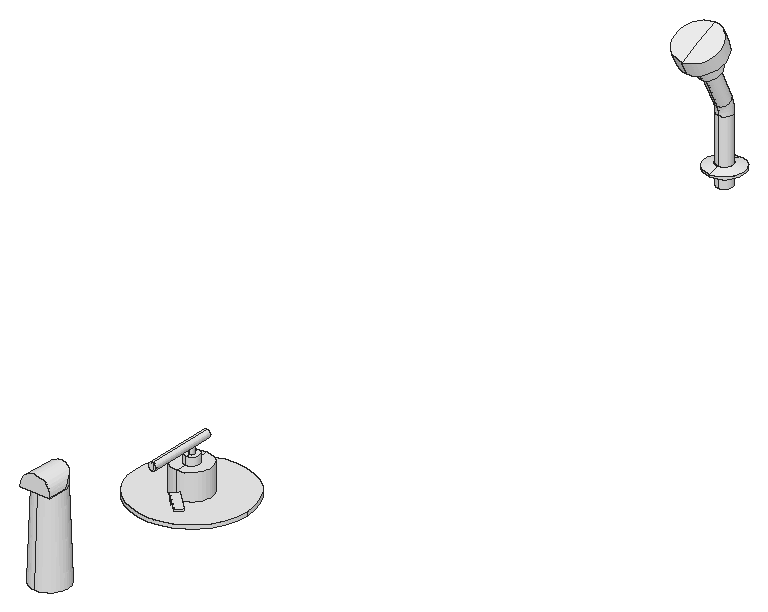
Revit family "Shower_System-Symmons-Dia-Shower-Tub_Spout-Volume_Control-Trim", category Plumbing Fixtures, host Face, Revit 2015
Parameters (values of type "2.5 GPM Flow Restrictor, Rebuild Kit, Chrome")
  z Wide Lever [instance] = if(z Has Wide Lever Handle, 1, 0)  # 0
  z Visibility [instance] = if(z Error, 1 = 0, 1 = 1)  # yes
  z Valve = Shower_System_Valve-Symmons-Dia-Shower-Volume_Control-Trim : Rebuild Kit, Chrome
  z Type Model [instance] = if(and(z Has Volume Control, z Has Trim), 5, if(and(z Has Volume Control, or(z Type = 1, z Type = 2)), 6, if(z Has Trim, 2, if(or(z Type = 1, z Type = 2), 3, if(z Has Volume Control, 4, 1)))))  # 6
  z Type Kit = 1
  z Type GPM = 2.5  # constant formula
  z Type Finish = if(or(z Type = 1, z Type = 3), 1, 2)  # 1
  z Type = 1
  z Tub Spout = Faucet-Symmons-Dia-Tub_Spout : Chrome
  z Slip On Tub [instance] = if(z Has Slip On Tub Spout, 1, 0)  # 0
  z Showerhead = Showerhead-Symmons-Dia_Single_Mode : Chrome
  z Reverse Core [instance] = if(z Has Reverse Core, 1, 0)  # 0
  z Pipe Radius [instance] = 0.250"  # constant formula
  z Overall Width [instance] = 7.500"  # constant formula
  z Overall Height [instance] = 57.000"  # constant formula
  z Overall Depth [instance] = 9.325"  # constant formula
  z Offset [instance] = 0.000"  # constant formula
  z Integral Service Stops [instance] = if(z Has Integral Service Stops, 1, 0)  # 0
  z Has Wide Lever Handle [instance] = 1 = 0  # no
  z Has Volume Control [instance] = 1 = 1  # yes
  z Has Trim = if(z Type Kit = 2, 1 = 1, 1 = 0)  # no
  z Has Slip On Tub Spout [instance] = 1 = 0  # no
  z Has Showerhead [instance] = 1 = 1  # yes
  z Has Reverse Core [instance] = 1 = 0  # no
  z Has Rebuild Kit Trim Only = if(z Type Kit = 1, 1 = 1, 1 = 0)  # yes
  z Has Integral Service Stops [instance] = z Has Reverse Core  # no
  z Has Check Stops [instance] = 1 = 0  # no
  z Has 2.0 GPM Flow Restrictor [instance] = 1 = 0  # no
  z Has 1.5 GPM Flow Restrictor [instance] = 1 = 0  # no
  z Has .5 Inch Female Connections [instance] = 1 = 0  # no
  z GPM Number = 2.5  # constant formula
  z GPM GPM = 1.000 GPM
  z Flow Rate [instance] = if(z Has 2.0 GPM Flow Restrictor, 2, if(z Has 1.5 GPM Flow Restrictor, 1, 0))  # 0
  z Error Box Width [instance] = if(z Error, z Overall Width + 5.000", 0.100")  # 0.100"
  z Error Box Height [instance] = if(z Error, z Overall Height + 5.000", 0.100") / 2  # 0.050"
  z Error Box Depth [instance] = if(z Error, z Overall Depth + 5.000", 0.100")  # 0.100"
  z Error = if(and(z Has Rebuild Kit Trim Only, z Has Trim), 1 = 1, 1 = 0)  # no
  z .5 Inch Female Connections [instance] = if(z Has .5 Inch Female Connections, 1, 0)  # 0
  z  Showerhead [instance] = if(z Has Showerhead, 1, 0)  # 1
  URL = "http://www.symmons.com/"
  Product data url = "https://bimobject.com/symmonsindustries/product/symmons-s-3502-cyl-b"
  Product Page URL = "http://www.symmons.com/Bathroom-Products/Dia/Symmons-Dia-Shower-System-S-3502-CYL-B.aspx"
  Product Material = Chrome - Symmons - Polished
  Product Documentation Link = "http://www.symmons.com/~/media/Files/Symmons/Products/Dia/S3502CYLB_Dia_sub.pdf"
  Part Number [instance] = if(z Error, "Error: Rebuild Kit Already Comes With Trim", if(and(z Type = 1, z Has Rebuild Kit Trim Only), "S-3502-CYL-B-REB-TRM", if(and(z Type = 2, z Has Rebuild Kit Trim Only), "S-3502-CYL-B-STN-REB-TRM", if(and(z Type = 1, z Has Trim), "S-3502-CYL-B-TRM", if(and(z Type = 2, z Has Trim), "S-3502-CYL-B-STN-TRM", if(z Type = 1, "S-3502-CYL-B", if(z Type = 2, "S-3502-CYL-B-STN", "Not Available")))))))  # "S-3502-CYL-B-REB-TRM"
  Part Description [instance] = if(z Error, "Error: Rebuild Kit Already Comes With Trim", if(and(z Type = 1, z Has Trim, z Has Rebuild Kit Trim Only), "Trim only, mixing valve ordered separately, Rebuild Kit Trim Only, Secondary integral diverter/volume control handle, Chrome", if(and(z Type = 2, z Has Trim, z Has Rebuild Kit Trim Only), "Trim only, mixing valve ordered separately, Rebuild Kit Trim Only,Secondary integral diverter/volume control handle, Satin Nickel", if(and(z Type = 1, z Has Trim), "Trim only, mixing valve ordered separately, Secondary integral diverter/volume control handle, Chrome", if(and(z Type = 2, z Has Trim), "Trim only, mixing valve ordered separately, Secondary integral diverter/volume control handle, Satin Nickel", if(z Type = 1, "Tub/Shower System with Symmons Temptrol mixing valve, Secondary integral diverter/volume control handle, Chrome", if(z Type = 2, "Tub/Shower System with Symmons Temptrol mixing valve, Secondary integral diverter/volume control handle, Satin Nickel", "Not Available")))))))  # "Tub/Shower System with Symmons Temptrol mixing valve, Secondary integral diverter/volume control handle, Chrome"
  Model Disclaimer = "Contact Symmons Industries, Inc. For More Information"  # constant formula
  Model = if(z Error, "Error: Rebuild Kit Already Comes With Trim", if(and(z Type = 1, z Has Rebuild Kit Trim Only), "S-3502-CYL-B-REB-TRM", if(and(z Type = 2, z Has Rebuild Kit Trim Only), "S-3502-CYL-B-STN-REB-TRM", if(and(z Type = 1, z Has Trim), "S-3502-CYL-B-TRM", if(and(z Type = 2, z Has Trim), "S-3502-CYL-B-STN-TRM", if(z Type = 1, "S-3502-CYL-B", if(z Type = 2, "S-3502-CYL-B-STN", "Not Available")))))))  # "S-3502-CYL-B-REB-TRM"
  Manufacturer = "Symmons Industries, Inc."  # constant formula
  Gallons Per Minute = z GPM GPM * z GPM Number  # 2.500 GPM
  Family Version = "1.0"  # constant formula
  Equipment Number [instance] = ""
  Equipment Abbreviation = "TSS"
  Description = if(z Error, "Error: Rebuild Kit Already Comes With Trim", if(and(z Type = 1, z Has Trim, z Has Rebuild Kit Trim Only), "Trim only, mixing valve ordered separately, Rebuild Kit Trim Only, Secondary integral diverter/volume control handle, Chrome", if(and(z Type = 2, z Has Trim, z Has Rebuild Kit Trim Only), "Trim only, mixing valve ordered separately, Rebuild Kit Trim Only,Secondary integral diverter/volume control handle, Satin Nickel", if(and(z Type = 1, z Has Trim), "Trim only, mixing valve ordered separately, Secondary integral diverter/volume control handle, Chrome", if(and(z Type = 2, z Has Trim), "Trim only, mixing valve ordered separately, Secondary integral diverter/volume control handle, Satin Nickel", if(z Type = 1, "Tub/Shower System with Symmons Temptrol mixing valve, Secondary integral diverter/volume control handle, Chrome", if(z Type = 2, "Tub/Shower System with Symmons Temptrol mixing valve, Secondary integral diverter/volume control handle, Satin Nickel", "Not Available")))))))  # "Tub/Shower System with Symmons Temptrol mixing valve, Secondary integral diverter/volume control handle, Chrome"
  Default Elevation = 32.000"  # constant formula
  Date Modified = "January 30, 2015"  # constant formula
  Date Created = "January 30, 2015"  # constant formula
  Copyright = "©2015 Symmons Industries, Inc."  # constant formula
Types (4): name | z Valve | z Type Model | z Type Kit | z Type Finish | z Type | z Tub Spout | z Showerhead | z Has Trim | z Has Rebuild Kit Trim Only | Product Material | Part Number | Part Description | Model | Equipment Abbreviation | Description
  2.5 GPM Flow Restrictor, Trim, Chrome | Shower_System_Valve-Symmons-Dia-Shower-Volume_Control-Trim : Trim, Chrome | 5 | 2 | 1 | 1 | Faucet-Symmons-Dia-Tub_Spout : Chrome | Showerhead-Symmons-Dia_Single_Mode : Chrome | yes | no | Chrome - Symmons - Polished | "S-3502-CYL-B-TRM" | "Trim only, mixing valve ordered separately, Secondary integral diverter/volume control handle, Chrome" | "S-3502-CYL-B-TRM" | "TSS" | "Trim only, mixing valve ordered separately, Secondary integral diverter/volume control handle, Chrome"
  2.5 GPM Flow Restrictor, Trim, Satin Nickel | Shower_System_Valve-Symmons-Dia-Shower-Volume_Control-Trim : Trim, Satin Nickel | 5 | 2 | 2 | 2 | Faucet-Symmons-Dia-Tub_Spout : Satin Nickel | Showerhead-Symmons-Dia_Single_Mode : Satin Nickel | yes | no | Nickel - Symmons - Satin | "S-3502-CYL-B-STN-TRM" | "Trim only, mixing valve ordered separately, Secondary integral diverter/volume control handle, Satin Nickel" | "S-3502-CYL-B-STN-TRM" | "SSV" | "Trim only, mixing valve ordered separately, Secondary integral diverter/volume control handle, Satin Nickel"
  2.5 GPM Flow Restrictor, Rebuild Kit, Chrome | Shower_System_Valve-Symmons-Dia-Shower-Volume_Control-Trim : Rebuild Kit, Chrome | 6 | 1 | 1 | 1 | Faucet-Symmons-Dia-Tub_Spout : Chrome | Showerhead-Symmons-Dia_Single_Mode : Chrome | no | yes | Chrome - Symmons - Polished | "S-3502-CYL-B-REB-TRM" | "Tub/Shower System with Symmons Temptrol mixing valve, Secondary integral diverter/volume control handle, Chrome" | "S-3502-CYL-B-REB-TRM" | "TSS" | "Tub/Shower System with Symmons Temptrol mixing valve, Secondary integral diverter/volume control handle, Chrome"
  2.5 GPM Flow Restrictor, Rebuild Kit, Satin Nickel | Shower_System_Valve-Symmons-Dia-Shower-Volume_Control-Trim : Rebuild Kit, Satin Nickel | 6 | 1 | 2 | 2 | Faucet-Symmons-Dia-Tub_Spout : Satin Nickel | Showerhead-Symmons-Dia_Single_Mode : Satin Nickel | no | yes | Nickel - Symmons - Satin | "S-3502-CYL-B-STN-REB-TRM" | "Tub/Shower System with Symmons Temptrol mixing valve, Secondary integral diverter/volume control handle, Satin Nickel" | "S-3502-CYL-B-STN-REB-TRM" | "SSV" | "Tub/Shower System with Symmons Temptrol mixing valve, Secondary integral diverter/volume control handle, Satin Nickel"
Reference planes (in)
  plane 1 "Center (Front/Back)": y = 0
  plane 2 "Center (Elevation)": z = 0
  plane 3 "Center (Left/Right)": x = 0
  plane 4: x = -3.75
  plane 5: y = 28.5
  plane 6: x = 3.75
  plane 7: z = 0
  plane 8: z = 9.325
  plane 9: y = -12
  plane 10: y = 45
  plane 11: z = 0.1
Dimensions and locks (in)
  equal spacing: plane 4, plane 3 "Center (Left/Right)", plane 6
  "z Overall Width": plane 4 to plane 6
  plane 5 to plane 1 "Center (Front/Back)" = 28.500"
  "z Offset": plane 7 to plane 2 "Center (Elevation)"
  "z Overall Depth": plane 8 to plane 7
  locked: plane 1 "Center (Front/Back)" to plane 9 at 12
  locked: plane 10 to plane 1 "Center (Front/Back)" at 45
  "z Error Box Depth": plane 11 to plane 7
  plane 10 to plane 9 = 57.000"
  aligned and locked: plane 2 "Center (Elevation)" to host face
  aligned and locked: level to host face
  aligned and locked: nested 1 to plane 9
  aligned and locked: plane 3 "Center (Left/Right)" to nested 1
  aligned and locked: plane 3 "Center (Left/Right)" to nested 2
  aligned and locked: nested 2 to plane 10
  aligned and locked: plane 1 "Center (Front/Back)" to nested 3
  aligned and locked: plane 3 "Center (Left/Right)" to nested 3
Automatic sketch dimensions
  host sketch curve to host sketch curve = 7.500"
  host sketch curve to host sketch curve = 66.51414"
Nested families (in)
  nested 1: "Faucet-Symmons-Dia-Tub_Spout" at (0, -12, 0), visible <- "z Visibility", type <- "z Tub Spout", type "Chrome"
    with Part Number "067", Part Description "Tub Spout, Chrome", Equipment Number ""
  nested 2: "Showerhead-Symmons-Dia_Single_Mode" at (0, 45, 0), type <- "z Showerhead", type "Chrome"
    with z Pipe Radius 0.500", z Overall Width 2.500", z Overall Height 2.500", z Overall Depth 7.500", z Offset 1.000", Part Number "352SH-2.0", Part Description "Single Mode Showerhead, 2.0 Flow Rate Restrictor, Chrome", Equipment Number ""
  nested 3: "Shower_System_Valve-Symmons-Dia-Shower-Volume_Control-Trim" at (0, 0, 0), type <- "z Valve", type "Rebuild Kit, Chrome"
    with zz Length 9 7.500", zz Length 10 6.875", Part Number "S-3500-CYL-B-REB-TRM", Part Description "Rebuild kit, Trim only, Chrome", Equipment Number ""
Connectors (in)
  piping at (0, 45, -1), diameter 0.5, driven by "z Pipe Radius", driven by "Gallons Per Minute"
    settings: on nested 2, index 1, connector inside diameter 1/2", connector length 0.000", flow factor 0, pipe flow 2.500 GPM, pressure drop 0.00 psi, fitting loss kfactor 0, connector angle 0.000°, fixture units 0, engagement length 0.000", angle of deflection 0.000°, flow configuration 0, flow direction 1, fitting loss method 0, system type 29, joint type 0, gender type 0, connector reference index -1, connector utility 0, adjustable connector no, is connector primary yes, connector description "Showerhead Water Supply"
  piping at (0, -12, 5.875), diameter 0.5, driven by "Gallons Per Minute", driven by "z Pipe Radius"
    settings: on nested 1, index 2, connector inside diameter 1/2", connector length 0.000", flow factor 0, pipe flow 2.500 GPM, pressure drop 0.00 psi, fitting loss kfactor 0, connector angle 0.000°, fixture units 0, engagement length 0.000", angle of deflection 0.000°, flow configuration 0, flow direction 1, fitting loss method 0, system type 29, joint type 0, gender type 0, connector reference index -1, connector utility 0, adjustable connector no, is connector primary no, connector description "Tub Spout Supply"
Definition of nested family "Faucet-Symmons-Dia-Tub_Spout"
  Parameters
    URL = "http://www.symmons.com/"
    Product Page URL = "http://www.symmons.com/Bathroom-Products/Symmons/Symmons-Tub-Spout-067.aspx"
    Product Material = none
    Product Documentation Link = "http://www.symmons.com/~/media/Files/Symmons/Products/Symmons/067_TubSpout_sub.pdf"
    Part Number [instance] = Model  # "067"
    Part Description [instance] = Description  # "Tub Spout, Chrome"
    Model Disclaimer = "Contact Symmons Industries, Inc. For More Information"  # constant formula
    Model = "067"
    Manufacturer = "Symmons Industries, Inc."  # constant formula
    Family Version = "1.0"  # constant formula
    Equipment Number [instance] = ""
    Equipment Abbreviation = "DTS"
    Description = "Tub Spout, Chrome"
    Default Elevation = 20.000"  # constant formula
    Date Modified = "January 30, 2015"  # constant formula
    Date Created = "January 30, 2015"  # constant formula
    Copyright = "©2015 Symmons Industries, Inc."  # constant formula
  Reference planes (in)
    plane 1 "Center (Front/Back)": y = 0
    plane 2 "Center (Elevation)": z = 0
    plane 3 "Center (Left/Right)": x = 0
    plane 4 "Left": x = -1.219
    plane 5 "Top": y = 1.219
    plane 6 "Bottom": y = -1.219
    plane 7 "Right": x = 1.219
    plane 8: z = 0
    plane 9 "Front": z = 7
    plane 10: z = 6.25
    plane 11: z = 5.875
    plane 12: z = 5.375
  Forms (in)
    Extrusion 1, solid
      sketch origin (0, 0, 0) x (1, 0, 0) y (0, 1, 0)
        loop
          line (-12, 12) -> (-12, -12) -> (12, -12) -> (12, 12) -> (-12, 12)
      from 0 to -1
    SweptBlend 2, solid, material <- "Product Material"
      path origin (0, 0, 0) x (0, 1, 0) y (0, 0, 1)
        loop
          line (0, 0) -> (0, 6.25)
      profile origin (0, 0, 0) x (0, -1, 0) y (1, 0, 0)
        loop
          circle (0, 0) r 1.219
      end profile origin (0, 0, 6.25) x (0, -1, 0) y (1, 0, 0)
        loop
          circle (0, 0) r 1
    Extrusion 3, solid, material <- "Product Material"
      sketch origin (0, 0, 0) x (0, 1, 0) y (0, 0, 1)
        loop
          line (-1.219, 7) -> (-1.219, 5.875) -> (1.219, 5.875) -> (1.219, 7) -> (-1.219, 7)
      from -1.219 to 1.219
    Extrusion 4, void
      sketch origin (0, 0, 0) x (1, 0, 0) y (0, 1, 0)
        loop
          line (-1.01314, 0) -> (-1.01314, -1.25) -> (1.01314, -1.25) -> (1.01314, 0)
          arc (1.01314, 0) -> (0.7164, 0.7164) -> (0, 1.01314) r 1.01314
          arc (0, 1.01314) -> (-0.7164, 0.7164) -> (-1.01314, 0) r 1.01314
        loop
          line (-1.94867, 1.48095) -> (-1.94867, -1.81086) -> (2.0856, -1.81086) -> (2.0856, 1.48095) -> (-1.94867, 1.48095)
      from 0 to 7
    Blend 5, void
      base sketch origin (0, 0, 0) x (1, 0, 0) y (0, 0, 1)
        loop
          arc (-1.01314, 5.97492) -> (0, 6.98806) -> (1.01314, 5.97492) r 1.01314
          line (1.01314, 5.97492) -> (1.219, 5.97492) -> (1.219, 7.22492) -> (-1.219, 7.22492) -> (-1.219, 5.97492) -> (-1.01314, 5.97492)
      top sketch origin (0, 0, 0) x (1, 0, 0) y (0, 0, 1)
        loop
          arc (-1.01314, 5.875) -> (0, 6.88814) -> (1.01314, 5.875) r 1.01314
          line (1.01314, 5.875) -> (1.32482, 5.875) -> (1.32482, 7.44919) -> (-1.32829, 7.44919) -> (-1.32829, 5.875) -> (-1.01314, 5.875)
      from 1.25 to -1.219
    Extrusion 6, void
      sketch origin (0, 0, 0) x (1, 0, 0) y (0, 1, 0)
        loop
          circle (0, 0) r 0.95
      from 0 to 5.875
    Extrusion 7, solid, material <- "Product Material", not visible, detail levels medium
      sketch origin (0, 0, 0) x (1, 0, 0) y (0, 1, 0)
        loop
          circle (0, 0) r 0.25
      from 5.375 to 5.875
    Revolve 8, solid, material <- "Product Material", not visible
      sketch origin (0, 0, 0) x (0, 1, 0) y (0, 0, 1)
        loop
          line (0, 5.875) -> (2.15804, 5.875)
          arc (2.15804, 5.875) -> (2.1489, 6.05368) -> (2.09464, 6.22416) r 0.69786
          arc (2.09464, 6.22416) -> (2.04241, 6.27062) -> (1.97277, 6.26454) r 0.08828
          arc (1.97277, 6.26454) -> (1.86354, 6.18526) -> (1.77914, 6.07992) r 0.50619
          arc (1.77914, 6.07992) -> (1.76476, 6.04125) -> (1.76539, 6) r 0.11172
          line (1.76539, 6) -> (0, 6) -> (0, 5.875)
        axis (0, 5.875) -> (2.15804, 5.875)
      angle from 0 to 360
  Cuts and joins
    Blend 5, Extrusion 6 cuts SweptBlend 2
    Extrusion 4, Blend 5 cuts Extrusion 3
    joined: SweptBlend 2, Extrusion 3
  Lines and regions (in)
    Masking region 1
      outline origin (0, 0, 0) x (1, 0, 0) y (0, 0, 1)
        loop
          line (-1.01319, 5.99165) -> (-1.219, 0) -> (1.219, 0) -> (1.01319, 5.97989)
          arc (1.01319, 5.97989) -> (0.00588, 6.99845) -> (-1.01319, 5.99165) r 1.01321
    Masking region 2, not visible, detail levels fine
      outline origin (-60, 1.219, 48) x (-1, 0, 0) y (0, 0, 1)
        loop
          circle (-60, -42.125) r 0.41547
  Dimensions and locks (in)
    equal spacing: plane 4 "Left", plane 3 "Center (Left/Right)", plane 7 "Right"
    locked: plane 4 "Left" to plane 7 "Right" at 2.438
    equal spacing: plane 5 "Top", plane 1 "Center (Front/Back)", plane 6 "Bottom"
    locked: plane 5 "Top" to plane 6 "Bottom" at 2.438
    locked: plane 8 to plane 2 "Center (Elevation)"
    locked: plane 9 "Front" to plane 8 at 7
    locked: plane 9 "Front" to plane 10 at 0.75
    locked: Extrusion 3 sketch curve to plane 9 "Front" at 1.125
    locked: plane 11 to plane 8 at 5.875
    locked: plane 11 to plane 12 at 0.5
    Revolve 8 sketch curve to plane 11 to Revolve 8 sketch curve to Revolve 8 sketch curve to Revolve 8 sketch curve to Revolve 8 sketch curve = 0.0561" locked, 0.05401" locked, 0.07099" locked, 0.02231" locked, 0.16451" locked
    locked: Masking region 1 sketch curve to plane 11 at 0.11026
    locked: Masking region 1 sketch curve to plane 3 "Center (Left/Right)" at 1.01319
    locked: plane 3 "Center (Left/Right)" to Masking region 1 sketch curve at 1.01319
    locked: plane 9 "Front" to Masking region 1 sketch curve at 1.02011
    locked: plane 9 "Front" to Masking region 1 sketch curve at 1.00835
    radius of Masking region 2 sketch curve = 0.41547"
    aligned and locked: plane 2 "Center (Elevation)" to Extrusion 1
    aligned and locked: level to Extrusion 1
    aligned and locked: plane 1 "Center (Front/Back)" to SweptBlend 2 sketch curve  (x2)
    aligned and locked: plane 3 "Center (Left/Right)" to SweptBlend 2 sketch curve  (x2)
    aligned and locked: plane 10 to SweptBlend 2 sketch curve
    aligned and locked: SweptBlend 2 sketch curve to plane 1 "Center (Front/Back)"
    aligned and locked: plane 7 "Right" to Extrusion 3
    aligned and locked: Extrusion 3 to plane 4 "Left"
    aligned and locked: plane 9 "Front" to Extrusion 4
    aligned and locked: Extrusion 4 to plane 8
    aligned and locked: plane 9 "Front" to Extrusion 3 sketch curve
    aligned and locked: cut or joined group of SweptBlend 2, Extrusion 3, Extrusion 4, Blend 5, Extrusion 6 to plane 6 "Bottom"
    aligned and locked: plane 5 "Top" to Extrusion 3
    aligned and locked: plane 5 "Top" to Blend 5
    aligned and locked: plane 1 "Center (Front/Back)" to Extrusion 6 sketch curve
    aligned and locked: plane 3 "Center (Left/Right)" to Extrusion 6 sketch curve
    aligned and locked: Extrusion 6 to plane 8
    aligned and locked: plane 11 to Extrusion 6
    aligned and locked: plane 1 "Center (Front/Back)" to Extrusion 7 sketch curve
    aligned and locked: plane 3 "Center (Left/Right)" to Extrusion 7 sketch curve
    aligned and locked: plane 11 to Extrusion 7
    aligned and locked: Extrusion 7 to plane 12
    aligned and locked: Revolve 8 sketch curve to plane 11
    aligned and locked: plane 11 to Revolve 8 sketch curve
    aligned and locked: Revolve 8 sketch curve to plane 1 "Center (Front/Back)"
    aligned and locked: plane 8 to Masking region 1 sketch curve
    aligned and locked: Masking region 1 sketch curve to plane 8
    aligned and locked: plane 11 to Masking region 2 sketch curve
    aligned and locked: plane 3 "Center (Left/Right)" to Masking region 2 sketch curve
  Automatic sketch dimensions
    Extrusion 1 sketch curve to Extrusion 1 sketch curve = 24.000"  (x2)
    SweptBlend 2 sketch curve to plane 8 = 0.000"
    Extrusion 4 sketch curve to Extrusion 4 sketch curve = 0.000"  (x2)
    plane 1 "Center (Front/Back)" to Extrusion 4 sketch curve = 0.000"
    Extrusion 4 sketch curve to plane 3 "Center (Left/Right)" = 0.000"
    plane 4 "Left" to Extrusion 4 sketch curve = 0.20586"
    Extrusion 4 sketch curve to plane 4 "Left" = 0.72967"
    plane 7 "Right" to Extrusion 4 sketch curve = 0.8666"
    plane 1 "Center (Front/Back)" to Extrusion 4 sketch curve = 1.250"
    Extrusion 4 sketch curve to Extrusion 4 sketch curve = 0.56086"
    Extrusion 4 sketch curve to plane 1 "Center (Front/Back)" = 1.48095"
    Blend 5 sketch curve to plane 4 "Left" = 0.000"
    Blend 5 sketch curve to plane 3 "Center (Left/Right)" = 0.000"  (x2)
    Blend 5 sketch curve to plane 7 "Right" = 0.000"
    plane 4 "Left" to Blend 5 sketch curve = 0.20586"  (x2)
    Blend 5 sketch curve to plane 9 "Front" = 1.02508"
    plane 9 "Front" to Blend 5 sketch curve = 0.22492"
    Blend 5 sketch curve to plane 4 "Left" = 0.10929"
    plane 7 "Right" to Blend 5 sketch curve = 0.10582"
    Blend 5 sketch curve to plane 9 "Front" = 1.125"
    plane 9 "Front" to Blend 5 sketch curve = 0.44919"
    plane 1 "Center (Front/Back)" to Extrusion 3 sketch curve = 1.219"
    Extrusion 3 sketch curve to plane 1 "Center (Front/Back)" = 1.219"
    Revolve 8 sketch curve to plane 6 "Bottom" = 2.250"
    plane 5 "Top" to Revolve 8 sketch curve = 0.24327"
    Revolve 8 sketch curve to Revolve 8 sketch curve = 0.30312"
    Revolve 8 sketch curve to Revolve 8 sketch curve = 0.01375"
    Revolve 8 sketch curve to Revolve 8 sketch curve = 0.000"  (x3)
    Revolve 8 sketch curve to Revolve 8 sketch curve = 0.09572"
    Revolve 8 sketch curve to Revolve 8 sketch curve = 0.09792"
    Revolve 8 sketch curve to Revolve 8 sketch curve = 4.31816"
    Masking region 1 sketch curve to plane 4 "Left" = 0.000"
    Masking region 1 sketch curve to plane 7 "Right" = 0.000"
    radius of SweptBlend 2 sketch curve = 1.219"
    radius of SweptBlend 2 sketch curve = 1.000"
    radius of Extrusion 6 sketch curve = 0.950"
    radius of Extrusion 7 sketch curve = 0.250"
  Connectors (in)
    piping at (0, 0, 5.375), diameter 0.5
      settings: on Extrusion 7, index 1, connector inside diameter 1/2", connector length 0.000", flow factor 0, pipe flow 0.000 GPM, pressure drop 0.00 psi, fitting loss kfactor 0, connector angle 0.000°, fixture units 0, engagement length 0.000", angle of deflection 0.000°, flow configuration 0, flow direction 0, fitting loss method 0, system type 20, joint type 0, gender type 0, connector reference index -1, connector utility 0, adjustable connector no, is connector primary yes, connector description "Water Supply"
Definition of nested family "Showerhead-Symmons-Dia_Single_Mode"
  Parameters
    z Type GPM = 2
    z Type Flow Restrictor = 1
    z Type Finish = 1
    z Pipe Radius [instance] = 0.500"  # constant formula
    z Overall Width [instance] = 2.500"  # constant formula
    z Overall Height [instance] = 2.500"  # constant formula
    z Overall Depth [instance] = 7.500"  # constant formula
    z Offset [instance] = 1.000"  # constant formula
    z GPM Number = z Type GPM  # 2
    z GPM GPM = 1.000 GPM
    URL = "http://www.symmons.com/"
    Product Page URL = "http://www.symmons.com/Bathroom-Products/Duro/Symmons-Duro-Showerhead-362SH.aspx"
    Product Material = none
    Product Documentation Link = ""
    Part Number [instance] = Model  # "352SH-2.0"
    Part Description [instance] = Description  # "Single Mode Showerhead, 2.0 Flow Rate Restrictor, Chrome"
    Model Disclaimer = "Contact Symmons Industries, Inc. For More Information"  # constant formula
    Model = if(and(z Type Finish = 1, z Type Flow Restrictor = 1), "352SH-2.0", if(and(z Type Finish = 2, z Type Flow Restrictor = 1), "352SH-STN-2.0", if(and(z Type Finish = 3, z Type Flow Restrictor = 0), "352SH", if(and(z Type Finish = 4, z Type Flow Restrictor = 0), "352SH-STN", "Not Available"))))  # "352SH-2.0"
    Manufacturer = "Symmons Industries, Inc."  # constant formula
    Gallons Per Minute = z GPM GPM * z GPM Number  # 2.000 GPM
    Family Version = "1.0"  # constant formula
    Equipment Number [instance] = ""
    Equipment Abbreviation = "SH"
    Description = if(and(z Type Finish = 1, z Type Flow Restrictor = 1), "Single Mode Showerhead, 2.0 Flow Rate Restrictor, Chrome", if(and(z Type Finish = 2, z Type Flow Restrictor = 1), "Single Mode Showerhead, 2.0 Flow Rate Restrictor, Satin Nickel", if(and(z Type Finish = 3, z Type Flow Restrictor = 0), "Single Mode Showerhead, Chrome", if(and(z Type Finish = 4, z Type Flow Restrictor = 0), "Single Mode Showerhead, Satin Nickel", "Not Available"))))  # "Single Mode Showerhead, 2.0 Flow Rate Restrictor, Chrome"
    Default Elevation = 77.000"  # constant formula
    Date Modified = "January 30, 2015"  # constant formula
    Date Created = "January 30, 2015"  # constant formula
    Copyright = "©2015 Symmons Industries, Inc."  # constant formula
  Reference planes (in)
    plane 1 "Center (Front/Back)": y = 0
    plane 2 "Center (Elevation)": z = 0
    plane 3 "Center (Left/Right)": x = 0
    plane 4: x = -1.25
    plane 5: y = 1.25
    plane 6: y = -1.25
    plane 7: x = 1.25
    plane 8: z = -1
    plane 9: z = 6.5
    plane 10: z = 0
    plane 11: y = -0.5
    plane 12: z = 0.33234
    plane 13: z = 0.15
    plane 14: y = -0.5695
  Forms (in)
    Extrusion 1, solid
      sketch origin (0, 0, 0) x (1, 0, 0) y (0, 1, 0)
        loop
          line (-12, 12) -> (-12, -12) -> (12, -12) -> (12, 12) -> (-12, 12)
      from 0 to -1
    Revolve 2, solid, material <- "Product Material"
      sketch origin (0, 0, 0) x (0, 1, 0) y (0, 0, 1)
        loop
          line (-0.5, -1) -> (0, -1) -> (0, 0.33234) -> (-0.5695, 0.33234) -> (-1.25, 0.15) -> (-1.25, 0) -> (-0.5, 0) -> (-0.5, -1)
        axis (0, -1) -> (0, 0.33234)
      angle from 0 to 360
    Sweep 3, solid, material <- "Product Material"
      path origin (0, 0, 0) x (0, 1, 0) y (0, 0, 1)
        loop
          line (0, 0.33234) -> (0, 3.38992)
          arc (0, 3.38992) -> (-0.04792, 3.8251) -> (-0.18938, 4.23943) r 2
          line (-0.18938, 4.23943) -> (-1.25, 6.5)
      profile origin (0, 0, 1.86113) x (0, -1, 0) y (1, 0, 0)
        loop
          circle (0, 0) r 0.5
    Revolve 4, solid, material <- "Product Material"
      sketch origin (0, 0, 0) x (0, 1, 0) y (0, 0, 1)
        loop
          line (-1.25, 6.5) -> (-2.22949, 8.58767) -> (-3.58746, 7.95053) -> (-3.17663, 7.07491) -> (-2.24755, 6.86042) -> (-1.92898, 6.18143) -> (-1.25, 6.5)
        axis (-1.25, 6.5) -> (-2.22949, 8.58767)
      angle from 0 to 360
  Cuts and joins
    joined: Revolve 2, Sweep 3
  Lines and regions (in)
    Masking region 1
      outline origin (0, 0, 0) x (1, 0, 0) y (0, 0, 1)
        loop
          line (-1.25, 0) -> (-0.5, 0) -> (-0.5, -1) -> (0.5, -1) -> (0.5, 0) -> (1.25, 0) -> (1.25, 0.14959) -> (0.5695, 0.33234) -> (0.5, 0.33234) -> (0.5, 6.26256)
          spline (0.5, 6.26256) -> (0.53792, 6.27801) -> (0.5732, 6.29456) -> (0.60567, 6.31211) -> (0.63516, 6.33059) -> (0.66153, 6.3499) -> (0.68465, 6.36995) -> (0.70441, 6.39063) -> (0.72072, 6.41185) -> (0.73348, 6.43351) -> (0.74264, 6.45549) -> (0.74816, 6.47769) -> (0.75, 6.5)
          line (0.75, 6.5) -> (0.75, 7.07479) -> (1.25, 7.36347) -> (1.49591, 7.60938) -> (1.49591, 8.60938)
          spline (1.49591, 8.60938) -> (1.44494, 8.76866) -> (1.2955, 8.91709) -> (1.05777, 9.04454) -> (0.74795, 9.14235) -> (0.38717, 9.20383) -> (0, 9.2248) -> (-0.38717, 9.20383) -> (-0.74795, 9.14235) -> (-1.05777, 9.04454) -> (-1.2955, 8.91709) -> (-1.44494, 8.76866) -> (-1.49591, 8.60938)
          line (-1.49591, 8.60938) -> (-1.49591, 7.60938) -> (-1.25, 7.36347) -> (-0.75, 7.07479) -> (-0.75, 6.5)
          spline (-0.75, 6.5) -> (-0.74816, 6.47769) -> (-0.74264, 6.45549) -> (-0.73348, 6.43351) -> (-0.72072, 6.41185) -> (-0.70441, 6.39063) -> (-0.68465, 6.36995) -> (-0.66153, 6.3499) -> (-0.63516, 6.33059) -> (-0.60567, 6.31211) -> (-0.5732, 6.29456) -> (-0.53792, 6.27801) -> (-0.5, 6.26256)
          line (-0.5, 6.26256) -> (-0.5, 0.33234) -> (-0.5695, 0.33234) -> (-1.25, 0.14959) -> (-1.25, 0)
    symbolic lines, detail levels fine
      curve 1: line (-0.5, 0, 0.33234) -> (0.5, 0, 0.33234)
      curve 2: line (-1.25, 0, 0.14959) -> (1.25, 0, 0.14959)
      curve 3: spline (-0.5, 0, 6.26256) -> (-0.67885, 0, 6.36457) -> (-0.74948, 0, 6.48818) -> (-0.70063, 0, 6.61367) -> (-0.54008, 0, 6.72104) -> (-0.29343, 0, 6.79317) -> (0, 0, 6.81857) -> (0.29343, 0, 6.79317) -> (0.54008, 0, 6.72104) -> (0.70063, 0, 6.61367) -> (0.74948, 0, 6.48818) -> (0.67885, 0, 6.36457) -> (0.5, 0, 6.26256)
      curve 4: spline (-1.49591, 1.25, 7.60938) -> (-1.44494, 1.25, 7.80085) -> (-1.2955, 1.25, 7.97927) -> (-1.05777, 1.25, 8.13249) -> (-0.74795, 1.25, 8.25006) -> (-0.38717, 1.25, 8.32397) -> (0, 1.25, 8.34917) -> (0.38717, 1.25, 8.32397) -> (0.74795, 1.25, 8.25006) -> (1.05777, 1.25, 8.13249) -> (1.2955, 1.25, 7.97927) -> (1.44494, 1.25, 7.80085) -> (1.49591, 1.25, 7.60938)
      curve 5: spline (-0.5, 1.25, 6.5) -> (-0.48296, 1.25, 6.55497) -> (-0.43301, 1.25, 6.60619) -> (-0.35355, 1.25, 6.65017) -> (-0.25, 1.25, 6.68392) -> (-0.12941, 1.25, 6.70514) -> (0, 1.25, 6.71238) -> (0.12941, 1.25, 6.70514) -> (0.25, 1.25, 6.68392) -> (0.35355, 1.25, 6.65017) -> (0.43301, 1.25, 6.60619) -> (0.48296, 1.25, 6.55497) -> (0.5, 1.25, 6.5)
      curve 6: line (-0.5, 1.25, 6.5) -> (-0.5, 1.25, 6.26256)
      curve 7: line (0.5, 1.25, 6.5) -> (0.5, 1.25, 6.26256)
  Dimensions and locks (in)
    equal spacing: plane 4, plane 3 "Center (Left/Right)", plane 7
    "z Overall Width": plane 4 to plane 7
    equal spacing: plane 5, plane 1 "Center (Front/Back)", plane 6
    "z Overall Height": plane 5 to plane 6
    "z Overall Depth": plane 9 to plane 8
    plane 12 to plane 13 to plane 10 to plane 8 = 0.18234" locked, 0.150" locked, 1.000" locked
    plane 6 to plane 14 to plane 11 = 0.6805" locked, 0.0695" locked
    plane 9 to Revolve 4 sketch curve to Revolve 4 sketch curve to Revolve 4 sketch curve to Revolve 4 sketch curve = 0.53094" locked, 0.750" locked, 0.58882" locked, 0.96721" locked
    "z Offset": plane 2 "Center (Elevation)" to plane 8
    Masking region 1 sketch curve to Masking region 1 sketch curve to Masking region 1 sketch curve to Masking region 1 sketch curve to Masking region 1 sketch curve to plane 3 "Center (Left/Right)" to Masking region 1 sketch curve to Masking region 1 sketch curve to Masking region 1 sketch curve to Masking region 1 sketch curve to Masking region 1 sketch curve = 0.74591" locked, 0.1805" locked, 0.0695" locked, 0.000" locked, 0.500" locked, 0.500" locked, 0.000" locked, 0.0695" locked, 0.1805" locked, 0.74591" locked
    Masking region 1 sketch curve to Masking region 1 sketch curve to plane 2 "Center (Elevation)" = 0.000" locked, 0.33234" locked
    plane 9 to Revolve 4 sketch curve to Revolve 4 sketch curve = 1.13164" locked, 0.750" locked
    locked: Revolve 4 sketch curve to Revolve 4 sketch curve at 1.5
    locked: curve 2 to plane 8 at 1.14959
    equal spacing: curve 1, plane 3 "Center (Left/Right)", curve 1
    locked: curve 1 to curve 1 at 1
    locked: curve 1 to plane 8 at 1.33234
    equal spacing: curve 3, plane 3 "Center (Left/Right)", curve 3
    locked: curve 3 to curve 3 at 1
    locked: curve 4 to plane 9 at 1.10938
    equal spacing: curve 4, plane 3 "Center (Left/Right)", curve 4
    locked: curve 4 to curve 4 at 2.99182
    curve 4 to curve 4 to plane 9 = 0.000" locked, 1.10938" locked
    Masking region 1 sketch curve to plane 9 to Masking region 1 sketch curve to Masking region 1 sketch curve to Masking region 1 sketch curve = 0.000" locked, 0.000" locked, 0.23744" locked, 0.000" locked
    plane 9 to curve 6 to curve 7 = 0.23744" locked, 0.000" locked
    aligned and locked: plane 2 "Center (Elevation)" to Extrusion 1
    aligned and locked: level to Extrusion 1
    aligned and locked: Revolve 2 sketch curve to plane 1 "Center (Front/Back)"  (x2)
    aligned and locked: plane 10 to Revolve 2 sketch curve
    aligned and locked: plane 6 to Revolve 2 sketch curve  (x2)
    aligned and locked: Revolve 2 sketch curve to plane 12
    aligned and locked: Revolve 2 sketch curve to plane 8
    aligned and locked: Revolve 2 sketch curve to plane 11
    aligned and locked: plane 13 to Revolve 2 sketch curve
    aligned and locked: Revolve 2 sketch curve to plane 14
    aligned and locked: plane 1 "Center (Front/Back)" to Sweep 3 sketch curve
    aligned and locked: plane 3 "Center (Left/Right)" to Sweep 3 sketch curve
    aligned and locked: Masking region 1 sketch curve to plane 8
    aligned and locked: Masking region 1 sketch curve to plane 2 "Center (Elevation)"  (x2)
    aligned and locked: plane 7 to curve 2
    aligned and locked: plane 4 to curve 2
    aligned and locked: plane 9 to Masking region 1 sketch curve  (x2)
    aligned and locked: plane 3 "Center (Left/Right)" to Masking region 1 sketch curve  (x2)
    aligned and locked: plane 9 to curve 5  (x2)
    aligned and locked: plane 3 "Center (Left/Right)" to curve 5
    aligned and locked: plane 9 to curve 6
  Automatic sketch dimensions
    Extrusion 1 sketch curve to Extrusion 1 sketch curve = 24.000"  (x2)
    Revolve 2 sketch curve to level = 24.000"
    plane 9 to Revolve 2 sketch curve = 79.77586"
    Sweep 3 sketch curve to plane 6 = 0.000"
    Sweep 3 sketch curve to plane 1 "Center (Front/Back)" = 0.000"
    Sweep 3 sketch curve to plane 9 = 0.000"
    Sweep 3 sketch curve to plane 6 = 0.750"
    plane 1 "Center (Front/Back)" to Sweep 3 sketch curve = 0.18938"
    Sweep 3 sketch curve to plane 9 = 2.26057"
    plane 8 to Sweep 3 sketch curve = 1.33234"
    Revolve 4 sketch curve to plane 6 = 0.000"
    Revolve 4 sketch curve to plane 9 = 0.000"  (x2)
    Revolve 4 sketch curve to plane 6 = 1.80521"
    Revolve 4 sketch curve to Revolve 4 sketch curve = 1.7599"
    Masking region 1 sketch curve to plane 4 = 0.000"  (x2)
    Masking region 1 sketch curve to plane 7 = 0.000"  (x2)
    Masking region 1 sketch curve to Masking region 1 sketch curve = 0.14959"  (x2)
    Masking region 1 sketch curve to Masking region 1 sketch curve = 0.57479"  (x2)
    Masking region 1 sketch curve to Masking region 1 sketch curve = 0.28868"  (x2)
    Masking region 1 sketch curve to Masking region 1 sketch curve = 0.24591"  (x2)
    Masking region 1 sketch curve to Masking region 1 sketch curve = 1.000"
    curve 3 to plane 9 = 0.000"
    curve 3 to plane 3 "Center (Left/Right)" = 0.000"
    curve 3 to curve 3 = 0.250"
    curve 5 to curve 5 = 0.500"
    curve 3 to plane 9 = 0.23744"
    radius of Sweep 3 sketch curve = 0.500"
  Connectors (in)
    piping at (0, 0, -1), diameter 1, driven by "z Pipe Radius", driven by "Gallons Per Minute"
      settings: on Revolve 2, index 1, connector inside diameter 1", connector length 0.000", flow factor 0, pipe flow 2.000 GPM, pressure drop 0.00 psi, fitting loss kfactor 0, connector angle 0.000°, fixture units 0, engagement length 0.000", angle of deflection 0.000°, flow configuration 0, flow direction 1, fitting loss method 0, system type 22, joint type 0, gender type 0, connector reference index -1, connector utility 0, adjustable connector no, is connector primary yes, connector description "Shower Head Water Supply"
Definition of nested family "Shower_System_Valve-Symmons-Dia-Shower-Volume_Control-Trim"
  Parameters
    zz Text 2 = "Rebuild Kit Trim Only"
    zz Text 1 = "Volume Control"
    zz Length 9 [instance] = 7.500"  # constant formula
    zz Length 10 [instance] = 6.875"  # constant formula
    zz Integer 12 = 7000001
    URL = "http://www.symmons.com/"
    Product Page URL = "http://www.symmons.com/Bathroom-Products/Dia/Symmons-Dia-Shower-Valve-S-3500-CYL-B.aspx"
    Product Material = none
    Product Documentation Link = "http://www.symmons.com/~/media/Files/Symmons/Products/Dia/S3500CYLB_Dia_sub.pdf"
    Part Number [instance] = Model  # "S-3500-CYL-B-REB-TRM"
    Part Description [instance] = Description  # "Rebuild kit, Trim only, Chrome"
    Model Disclaimer = "Contact Symmons Industries, Inc. For More Information"  # constant formula
    Model = "S-3500-CYL-B-REB-TRM"
    Manufacturer = "Symmons Industries, Inc."  # constant formula
    Family Version = "1.0"  # constant formula
    Equipment Number [instance] = ""
    Equipment Abbreviation = "SVS"
    Description = "Rebuild kit, Trim only, Chrome"
    Default Elevation = 32.000"  # constant formula
    Date Modified = "January 30, 2015"  # constant formula
    Date Created = "January 30, 2015"  # constant formula
    Copyright = "©2015 Symmons Industries, Inc."  # constant formula
  Reference planes (in)
    plane 1 "Center (Front/Back)": y = 0
    plane 2 "Center (Elevation)": z = 0
    plane 3 "Center (Left/Right)": x = 0
    plane 4: x = -3.75
    plane 5: y = 3.75
    plane 6: y = -3.75
    plane 7: x = 3.75
    plane 8: z = -3.5
    plane 9: z = 3.375
    plane 10: z = 0
    plane 11: z = 0.25
    plane 12: x = 0.28006
    plane 13: x = -0.28006
    plane 14: z = -2.375
    plane 15: y = -5.75
    plane 16: x = -0.05
    plane 17: y = 0.05
    plane 18: x = 0.05
    plane 19: y = -0.05
    plane 20: z = 0.1
    plane 21: z = 2.875
    plane 22: z = 2.5
    plane 23: z = 2
    plane 24: z = -1.30783
    plane 25: z = -0.80783
    plane 26: z = -0.56163
    plane 27: z = -0.25
    plane 28: z = 3.125
  Forms (in)
    Extrusion 1, solid
      sketch origin (0, 0, 0) x (1, 0, 0) y (0, 1, 0)
        loop
          line (-2, 2) -> (-2, -2) -> (2, -2) -> (2, 2) -> (-2, 2)
      from 0 to -0.25
    Extrusion 2, solid, material <- "Product Material"
      sketch origin (0, 0, 0) x (1, 0, 0) y (0, 1, 0)
        loop
          circle (0, 0) r 3.75
      from 0 to 0.25
    Extrusion 3, solid, material <- "Product Material"
      sketch origin (-0.88388, -0.54836, 0) x (-0.707107, 0.707107, 0) y (0, 0, 1)
        loop
          line (-1.25, 0.25) -> (-1.25, 0.75) -> (-3.08292, 0.75) -> (-3.08292, 0.64028) -> (-1.64776, 0.64028) -> (-1.64776, 0.25) -> (-1.25, 0.25)
      from -0.28006 to 0.28006
    Revolve 4, solid, material <- "Product Material"
      sketch origin (0, 0, 0) x (0, 1, 0) y (0, 0, 1)
        loop
          line (-1.25, 0.25) -> (0, 0.25) -> (0, 2.5) -> (-0.5, 2.5) -> (-0.5, 2) -> (-1.25, 2) -> (-1.25, 0.25)
        axis (0, 2.5) -> (0, 0.25)
      angle from 0 to 360
    Extrusion 5, solid, not visible
      sketch origin (0, 0, 0) x (1, 0, 0) y (0, 1, 0)
        loop
          line (-0.05, 0.05) -> (-0.05, -0.05) -> (0.05, -0.05) -> (0.05, 0.05) -> (-0.05, 0.05)
      from 0 to 0.1
    Revolve 6, solid, material <- "Product Material"
      sketch origin (0, 0, 0) x (0, 1, 0) y (0, 0, 1)
        loop
          line (0, 2.5) -> (0, 3.09917) -> (-0.15, 3.09917) -> (-0.15, 2.5) -> (0, 2.5)
        axis (0, 2.5) -> (0, 3.09917)
      angle from 0 to 360
    Revolve 7, solid, material <- "Product Material"
      sketch origin (0, 0, 0) x (0, 1, 0) y (0, 0, 1)
        loop
          line (1.25, 3.125) -> (1.25, 3.375) -> (-3.30959, 3.375) -> (-3.30959, 3.125) -> (1.25, 3.125)
        axis (-3.30959, 3.125) -> (1.25, 3.125)
      angle from 0 to 360
  Cuts and joins
    joined: Extrusion 2, Revolve 4, Revolve 6, Revolve 7
  Lines and regions (in)
    Masking region 1
      outline origin (0, 0, 0) x (1, 0, 0) y (0, 0, 1)
        loop
          line (0, 3.375) -> (-0.28006, 3.375) -> (-0.28006, 2.5) -> (-0.5, 2.5) -> (-0.5, 2) -> (-1.25, 2) -> (-1.25, 0.25) -> (-3.75, 0.25) -> (-3.75, 0) -> (3.75, 0) -> (3.75, 0.25) -> (1.25, 0.25) -> (1.25, 2) -> (0.5, 2) -> (0.5, 2.5) -> (0.28006, 2.5) -> (0.28006, 3.375) -> (0, 3.375)
    symbolic lines, detail levels fine
      curve 1: line (-0.28006, 0, 2.875) -> (0.28006, 0, 2.875)
      curve 2: line (-0.28006, 0, 2.5) -> (0.28089, 0, 2.5)
      curve 3: line (-0.5, 0, 2) -> (0.5, 0, 2)
      curve 4: line (-1.25, 0, 0.25) -> (1.25, 0, 0.25)
  Dimensions and locks (in)
    equal spacing: plane 4, plane 3 "Center (Left/Right)", plane 7
    "zz Length 9": plane 4 to plane 7
    equal spacing: plane 5, plane 1 "Center (Front/Back)", plane 6
    locked: plane 5 to plane 6 at 7.5
    "zz Length 10": plane 9 to plane 8
    locked: plane 2 "Center (Elevation)" to plane 8 at 3.5
    locked: plane 9 to plane 10 at 3.375
    locked: plane 11 to plane 10 at 0.25
    equal spacing: plane 13, plane 3 "Center (Left/Right)", plane 12
    locked: plane 13 to plane 12 at 0.56011
    plane 6 to Extrusion 3 sketch curve to Extrusion 3 sketch curve to Extrusion 3 sketch curve = 1.02168" locked, 1.01482" locked, 0.28126" locked
    Extrusion 3 sketch curve to Extrusion 3 sketch curve to plane 11 = 0.10972" locked, 0.39028" locked
    locked: Extrusion 3 to Extrusion 3 at 0.56011
    locked: plane 3 "Center (Left/Right)" to Extrusion 3 at 0.19803
    locked: plane 10 to plane 14 at 2.375
    Revolve 4 sketch curve to Revolve 4 sketch curve to plane 1 "Center (Front/Back)" = 0.750" locked, 0.500" locked
    plane 11 to Revolve 4 sketch curve to Revolve 4 sketch curve = 1.750" locked, 0.500" locked
    locked: plane 6 to plane 15 at 2
    equal spacing: plane 17, plane 1 "Center (Front/Back)", plane 19
    locked: plane 17 to plane 19 at 0.1
    equal spacing: plane 16, plane 3 "Center (Left/Right)", plane 18
    locked: plane 16 to plane 18 at 0.1
    locked: plane 20 to plane 10 at 0.1
    Masking region 1 sketch curve to Masking region 1 sketch curve to Masking region 1 sketch curve to Masking region 1 sketch curve to plane 3 "Center (Left/Right)" to plane 12 to Masking region 1 sketch curve to Masking region 1 sketch curve to Masking region 1 sketch curve = 2.500" locked, 0.750" locked, 0.21994" locked, 0.28006" locked, 0.28006" locked, 0.21994" locked, 0.750" locked, 2.500" locked
    Masking region 1 sketch curve to Masking region 1 sketch curve to Masking region 1 sketch curve to Masking region 1 sketch curve to plane 11 = 0.000" locked, 0.500" locked, 0.000" locked, 1.750" locked
    plane 9 to plane 21 to plane 22 to plane 23 = 0.500" locked, 0.375" locked, 0.500" locked
    plane 27 to plane 26 to plane 25 to plane 24 to plane 14 = 0.31163" locked, 0.2462" locked, 0.500" locked, 1.06717" locked
    locked: Revolve 6 sketch curve to plane 1 "Center (Front/Back)" at 0.15
    equal spacing: plane 9, plane 28, plane 21
    Revolve 7 sketch curve to plane 1 "Center (Front/Back)" to Revolve 7 sketch curve = 3.30959" locked, 1.250" locked
    locked: Revolve 6 sketch curve to plane 22 at 0.59917
    aligned and locked: plane 2 "Center (Elevation)" to Extrusion 1
    aligned and locked: level to Extrusion 1
    aligned and locked: Extrusion 2 to plane 10
    aligned and locked: plane 11 to Extrusion 2
    aligned and locked: Extrusion 3 sketch curve to plane 11
    aligned and locked: plane 1 "Center (Front/Back)" to Revolve 4 sketch curve  (x2)
    aligned and locked: plane 11 to Revolve 4 sketch curve
    aligned and locked: Extrusion 5 sketch curve to plane 17
    aligned and locked: plane 16 to Extrusion 5 sketch curve
    aligned and locked: plane 19 to Extrusion 5 sketch curve
    aligned and locked: Extrusion 5 sketch curve to plane 18
    aligned and locked: Extrusion 5 to plane 10
    aligned and locked: plane 20 to Extrusion 5
    aligned and locked: Masking region 1 sketch curve to plane 10
    aligned and locked: Masking region 1 sketch curve to plane 11
    aligned and locked: Masking region 1 sketch curve to plane 9
    aligned and locked: plane 1 "Center (Front/Back)" to Extrusion 2 sketch curve
    aligned and locked: plane 3 "Center (Left/Right)" to Extrusion 2 sketch curve
    aligned and locked: Revolve 6 sketch curve to plane 22
    aligned and locked: Revolve 6 sketch curve to plane 1 "Center (Front/Back)"
    aligned and locked: plane 9 to Revolve 7 sketch curve
    aligned and locked: Revolve 7 sketch curve to plane 28
  Automatic sketch dimensions
    Extrusion 1 sketch curve to Extrusion 1 sketch curve = 4.000"  (x2)
    plane 11 to Extrusion 3 sketch curve = 0.000"
    plane 11 to Extrusion 3 sketch curve = 0.39028"
    Extrusion 3 sketch curve to Extrusion 3 sketch curve = 1.43517"
    Extrusion 3 sketch curve to Extrusion 3 sketch curve = 0.39776"
    Extrusion 3 sketch curve to Extrusion 3 sketch curve = 0.10972"
    Revolve 4 sketch curve to plane 8 = 5.875"
    plane 9 to Revolve 4 sketch curve = 6.750"
    Masking region 1 sketch curve to plane 3 "Center (Left/Right)" = 0.000"
    Masking region 1 sketch curve to plane 12 = 0.000"
    curve 4 to plane 11 = 0.000"
    curve 3 to plane 23 = 0.000"
    curve 2 to plane 13 = 0.000"
    curve 1 to plane 13 = 0.000"
    curve 1 to plane 12 = 0.000"
    curve 2 to plane 22 = 0.000"
    curve 1 to plane 21 = 0.000"
    curve 3 to plane 13 = 0.21994"
    plane 12 to curve 2 = 0.00084"
    plane 12 to curve 3 = 0.21994"
    Masking region 1 sketch curve to plane 11 = 0.000"
    Revolve 7 sketch curve to plane 28 = 0.000"
    Revolve 7 sketch curve to plane 6 = 0.59006"
    plane 5 to Revolve 7 sketch curve = 0.45239"
    Revolve 6 sketch curve to plane 1 "Center (Front/Back)" = 0.000"
    Revolve 6 sketch curve to plane 8 = 20.500"
    plane 9 to Revolve 6 sketch curve = 88.90086"
    curve 4 to plane 13 = 0.96994"
    plane 12 to curve 4 = 0.96994"
    radius of Extrusion 2 sketch curve = 3.750"
